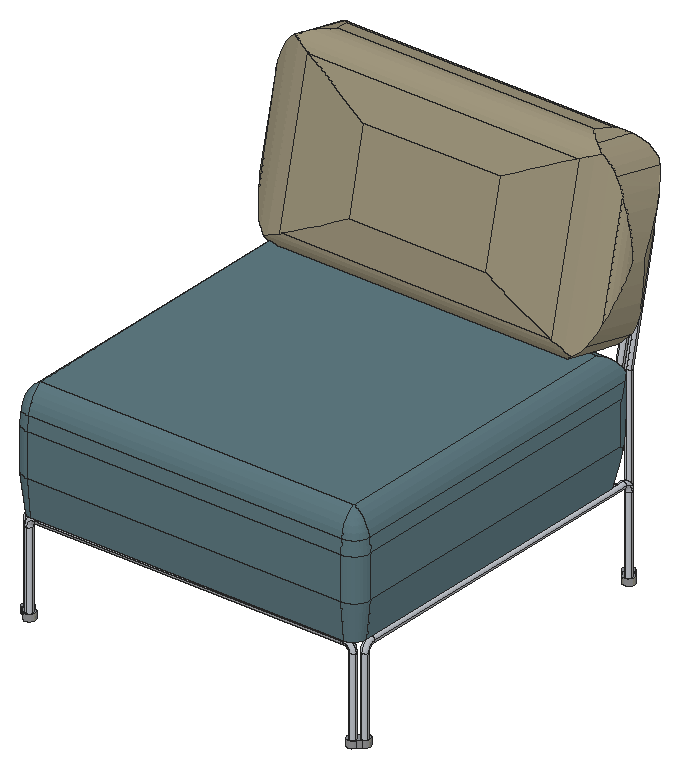
Revit family "FU_Modular_Sandler_Ari 1310", category Furniture, Revit 2020
Family settings
  OmniClass Number = 23.40.20.00
  OmniClass Title = General Furniture and Specialties
  Work Plane-Based = No
  Always vertical = Yes
  Cut with Voids When Loaded = No
  Shared = No
  Room Calculation Point = No
Parameters (values of type "Ari 1310")
  Width = 720 mm
  URL = "https://www.sandlerseating.com/product/ari-1310/"
  Seat [instance] = Fabric - Mainline Flax - Pimlico MLF34
  Model = "Ari 1310"
  Manufacturer = "Sandler"
  Height = 780 mm
  Frame [instance] = Metal - Paint -AL VR - White Aluminium
  Description = "Upholstered element without armrests in the Ari indoor modular seating range. Features an slender steel frame that forms an elegant double backrest support."
  Depth = 780 mm
  Default Elevation = 0 mm
  Back [instance] = Fabric - Mainline Flax - Kensington MLF07
Reference planes
  plane 1 "Center (Front/Back)": y = 0
  plane 2: z = 0
  plane 3 "Center (Left/Right)": x = 0
  plane 4 "Right": x = -360
  plane 5 "Left": x = 360
  plane 6 "Back": y = 390
  plane 7 "Front": y = -390
  plane 8 "Height": z = 780
  plane 9 "Seat height": z = 420
  plane 10 "Frame Right C TOP": x = -337.638
  plane 11 "Frame Front C TOP": y = -372.654
  plane 12 "Frame Left C TOP": x = 337.638
  plane 13 "Frame Back CV Right": y = 315.382
  plane 14 "Feet Right": z = 12
  plane 15 "Seat base RIGHT": z = 187.373
  plane 16 "Frame Back AC RIGHT": through (4267.2, 269.976, 182.022) normal (0, -0.9734, 0.2293)
Forms (mm)
  Sweep 1, solid, material "Metal - Paint -AL VR - White Aluminium" <- "Frame"
    path origin (0, 315.382, 0) x (0, 0, 1) y (1, 0, 0)
      loop
        line (420, -326.632) -> (12, -326.632)
    profile "Pro_Circles : 13mm" origin (-326.632, 315.382, 216) x (-1, 0, 0) y (0, 1, 0)
      loop
        arc (-6.467, 0.067) -> (-4.64, -4.545) -> (-0.067, -6.467) r 6.401
        arc (-0.067, -6.467) -> (4.593, -4.594) -> (6.467, 0.067) r 6.402
        arc (6.467, 0.067) -> (4.545, 4.64) -> (-0.067, 6.467) r 6.401
        arc (-0.067, 6.467) -> (-4.592, 4.592) -> (-6.467, 0.067) r 6.4
  Extrusion 2, void
    sketch origin (0, 0, 0) x (0, 1, 0) y (0, 0, 1)
      loop
        line (300.453, 375.373) -> (300.453, 331.447) -> (325.205, 331.447) -> (325.205, 375.373) -> (300.453, 375.373)
    from -360 to 360
  Extrusion 3, void
    sketch origin (0, 0, 0) x (0, 1, 0) y (0, 0, 1)
      loop
        line (300.453, 375.373) -> (325.205, 375.373) -> (325.205, 423.621) -> (300.453, 423.621) -> (300.453, 375.373)
    from -360 to 360
  Sweep 4, solid, material "Metal - Paint -AL VR - White Aluminium" <- "Frame"
    path origin (0, 315.382, 0) x (0, 0, 1) y (-1, 0, 0)
      loop
        line (420, -326.632) -> (12, -326.632)
    profile "Pro_Circles : 13mm" origin (326.632, 315.382, 216) x (-1, 0, 0) y (0, 1, 0)
      loop
        arc (6.467, 0.067) -> (4.592, 4.592) -> (0.067, 6.467) r 6.4
        arc (0.067, 6.467) -> (-4.545, 4.64) -> (-6.467, 0.067) r 6.401
        arc (-6.467, 0.067) -> (-4.593, -4.594) -> (0.067, -6.467) r 6.402
        arc (0.067, -6.467) -> (4.64, -4.545) -> (6.467, 0.067) r 6.401
  Sweep 5, solid, material "Metal - Paint -AL VR - White Aluminium" <- "Frame"
    path origin (337.638, 0, 0) x (0, 1, 0) y (0, 0, 1)
      loop
        line (-359.792, 12) -> (-359.792, 166.321)
        arc (-359.792, 166.321) -> (-355.252, 177.281) -> (-344.292, 181.821) r 15.5
        line (-344.292, 181.821) -> (285.964, 181.821)
        arc (285.964, 181.821) -> (296.924, 177.281) -> (301.464, 166.321) r 15.5
        line (301.464, 166.321) -> (301.464, 11.974)
    profile "Pro_Circles : 13mm" origin (337.638, -359.792, 89.16) x (0, 1, 0) y (-1, 0, 0)
      loop
        arc (-6.467, 0.067) -> (-4.64, -4.545) -> (-0.067, -6.467) r 6.401
        arc (-0.067, -6.467) -> (4.593, -4.594) -> (6.467, 0.067) r 6.402
        arc (6.467, 0.067) -> (4.545, 4.64) -> (-0.067, 6.467) r 6.401
        arc (-0.067, 6.467) -> (-4.592, 4.592) -> (-6.467, 0.067) r 6.4
  Sweep 6, solid, material "Metal - Paint -AL VR - White Aluminium" <- "Frame"
    path origin (-337.638, 0, 0) x (0, 1, 0) y (0, 0, 1)
      loop
        line (-359.792, 12) -> (-359.792, 166.321)
        arc (-359.792, 166.321) -> (-355.252, 177.281) -> (-344.292, 181.821) r 15.5
        line (-344.292, 181.821) -> (285.964, 181.821)
        arc (285.964, 181.821) -> (296.924, 177.281) -> (301.464, 166.321) r 15.5
        line (301.464, 166.321) -> (301.464, 11.974)
    profile "Pro_Circles : 13mm" origin (-337.638, -359.792, 89.16) x (0, -1, 0) y (1, 0, 0)
      loop
        arc (6.467, 0.067) -> (4.592, 4.592) -> (0.067, 6.467) r 6.4
        arc (0.067, 6.467) -> (-4.545, 4.64) -> (-6.467, 0.067) r 6.401
        arc (-6.467, 0.067) -> (-4.593, -4.594) -> (0.067, -6.467) r 6.402
        arc (0.067, -6.467) -> (4.64, -4.545) -> (6.467, 0.067) r 6.401
  Sweep 7, solid, material "Metal - Paint -AL VR - White Aluminium" <- "Frame"
    path origin (0, -372.654, 0) x (1, 0, 0) y (0, 0, 1)
      loop
        line (-323.977, 12) -> (-323.977, 166.352)
        arc (-323.977, 166.352) -> (-319.438, 177.312) -> (-308.477, 181.852) r 15.5
        line (-308.477, 181.852) -> (308.601, 181.852)
        arc (308.601, 181.852) -> (319.561, 177.312) -> (324.101, 166.352) r 15.5
        line (324.101, 166.352) -> (324.101, 12)
    profile "Pro_Circles : 13mm" origin (-323.977, -372.654, 89.176) x (-1, 0, 0) y (0, -1, 0)
      loop
        arc (-6.467, 0.067) -> (-4.64, -4.545) -> (-0.067, -6.467) r 6.401
        arc (-0.067, -6.467) -> (4.593, -4.594) -> (6.467, 0.067) r 6.402
        arc (6.467, 0.067) -> (4.545, 4.64) -> (-0.067, 6.467) r 6.401
        arc (-0.067, 6.467) -> (-4.592, 4.592) -> (-6.467, 0.067) r 6.4
  Extrusion 8, solid, material "Rubber, Black"
    sketch origin (0, 0, 0) x (1, 0, 0) y (0, 1, 0)
      loop
        arc (-327.69, -355.142) -> (-345.592, -352.286) -> (-341.649, -369.98) r 10.957
        arc (-341.649, -369.98) -> (-337.148, -372.419) -> (-334.238, -376.631) r 11
        arc (-334.238, -376.631) -> (-316.275, -380.507) -> (-319.805, -362.476) r 11
        arc (-319.805, -362.476) -> (-324.707, -359.84) -> (-327.69, -355.142) r 11
    from 0 to 12
  Extrusion 9, solid, material "Rubber, Black"
    sketch origin (0, 0, 0) x (-1, 0, 0) y (0, -1, 0)
      loop
        arc (-327.69, 355.142) -> (-324.707, 359.84) -> (-319.805, 362.476) r 11
        arc (-319.805, 362.476) -> (-316.275, 380.507) -> (-334.238, 376.631) r 11
        arc (-334.238, 376.631) -> (-337.148, 372.419) -> (-341.649, 369.98) r 11
        arc (-341.649, 369.98) -> (-345.592, 352.286) -> (-327.69, 355.142) r 10.957
    from 0 to 12
  Extrusion 10, solid, material "Rubber, Black"
    sketch origin (-35.3, -13.224, 0) x (-0.993563, 0.113279, 0) y (-0.113279, -0.993563, 0)
      loop
        arc (-324.942, -350.4) -> (-342.844, -347.544) -> (-338.901, -365.238) r 10.957
        arc (-338.901, -365.238) -> (-334.399, -367.677) -> (-331.489, -371.888) r 11
        arc (-331.489, -371.888) -> (-313.526, -375.765) -> (-317.057, -357.734) r 11
        arc (-317.057, -357.734) -> (-321.958, -355.098) -> (-324.942, -350.4) r 11
    from 0 to 12
  Extrusion 11, solid, material "Rubber, Black"
    sketch origin (35.3, -13.224, 0) x (0.993563, 0.113279, 0) y (-0.113279, 0.993563, 0)
      loop
        arc (-324.942, 350.4) -> (-321.958, 355.098) -> (-317.057, 357.734) r 11
        arc (-317.057, 357.734) -> (-313.526, 375.765) -> (-331.489, 371.888) r 11
        arc (-331.489, 371.888) -> (-334.399, 367.677) -> (-338.901, 365.238) r 11
        arc (-338.901, 365.238) -> (-342.844, 347.544) -> (-324.942, 350.4) r 10.957
    from 0 to 12
  Extrusion 12, solid, material "Fabric - Mainline Flax - Pimlico MLF34" <- "Seat"
    sketch origin (0, 0, 187.373) x (1, 0, 0) y (0, 1, 0)
      loop
        arc (-313.239, 303.733) -> (-336.927, 293.921) -> (-346.739, 270.233) r 33.5
        line (-346.739, 270.233) -> (-346.739, -356.5)
        arc (-346.739, -356.5) -> (-336.927, -380.188) -> (-313.239, -390) r 33.5
        line (-313.239, -390) -> (313.204, -390)
        arc (313.204, -390) -> (336.892, -380.188) -> (346.704, -356.5) r 33.5
        line (346.704, -356.5) -> (346.704, 270.233)
        arc (346.704, 270.233) -> (336.892, 293.921) -> (313.204, 303.733) r 33.5
        line (313.204, 303.733) -> (-313.239, 303.733)
    from 0 to 233.363
  Sweep 13, void
    path in 3D
      loop
        line (-346.739, 384.262, 420.736) -> (-346.739, -356.5, 420.736)
        arc (-346.739, -356.5, 420.736) -> (-336.927, -380.188, 420.736) -> (-313.239, -390, 420.736) r 33.5
        line (-313.239, -390, 420.736) -> (313.204, -390, 420.736)
        arc (313.204, -390, 420.736) -> (336.892, -380.188, 420.736) -> (346.704, -356.5, 420.736) r 33.5
        line (346.704, -356.5, 420.736) -> (346.704, 384.262, 420.736)
    profile origin (-346.739, 13.881, 420.736) x (1, 0, 0) y (0, 0, 1)
      loop
        arc (2.304, -47.996) -> (11.675, -20.578) -> (32.073, 0) r 64.696
        line (32.073, 0) -> (32.073, 22.414) -> (-19.598, 22.414) -> (-19.598, -262.705) -> (14.317, -262.705)
        arc (14.317, -262.705) -> (-0.262, -155.83) -> (2.304, -47.996) r 677.536
  Sweep 14, solid, material "Metal - Paint -AL VR - White Aluminium" <- "Frame"
    path origin (0, 215.155, -50.686) x (0, -0.2293, -0.973356) y (1, 0, 0)
      loop
        line (-405.383, -326.634) -> (-665.383, -326.634)
        arc (-665.383, -326.634) -> (-676.343, -322.094) -> (-680.883, -311.134) r 15.5
        line (-680.883, -311.134) -> (-680.883, 311.134)
        arc (-680.883, 311.134) -> (-676.343, 322.094) -> (-665.383, 326.634) r 15.5
        line (-665.383, 326.634) -> (-405.383, 326.634)
    profile "Pro_Circles : 13mm" origin (-326.634, 337.919, 470.433) x (-1, 0, 0) y (0, -0.973356, 0.2293)
      loop
        arc (-6.467, 0.067) -> (-4.64, -4.545) -> (-0.067, -6.467) r 6.401
        arc (-0.067, -6.467) -> (4.593, -4.594) -> (6.467, 0.067) r 6.402
        arc (6.467, 0.067) -> (4.545, 4.64) -> (-0.067, 6.467) r 6.401
        arc (-0.067, 6.467) -> (-4.592, 4.592) -> (-6.467, 0.067) r 6.4
  Sweep 15, solid, material "Metal - Paint -AL VR - White Aluminium" <- "Frame"
    path origin (0, 215.155, -50.686) x (0, -0.2293, -0.973356) y (1, 0, 0)
      loop
        line (-238.925, -337.572) -> (-238.925, 337.572)
    profile "Pro_Circles : 13mm" origin (0, 269.941, 181.874) x (0, 0.2293, 0.973356) y (0, -0.973356, 0.2293)
      loop
        arc (-6.467, 0.067) -> (-4.64, -4.545) -> (-0.067, -6.467) r 6.401
        arc (-0.067, -6.467) -> (4.593, -4.594) -> (6.467, 0.067) r 6.402
        arc (6.467, 0.067) -> (4.545, 4.64) -> (-0.067, 6.467) r 6.401
        arc (-0.067, 6.467) -> (-4.592, 4.592) -> (-6.467, 0.067) r 6.4
  Sweep 16, solid, material "Metal - Paint -AL VR - White Aluminium" <- "Frame"
    path origin (0, 215.155, -50.686) x (0, -0.2293, -0.973356) y (1, 0, 0)
      loop
        line (-238.859, 308.199) -> (-545.701, 308.199)
        arc (-545.701, 308.199) -> (-556.662, 303.659) -> (-561.201, 292.699) r 15.5
        line (-561.201, 292.699) -> (-561.201, -292.699)
        arc (-561.201, -292.699) -> (-556.662, -303.659) -> (-545.701, -308.199) r 15.5
        line (-545.701, -308.199) -> (-238.859, -308.199)
    profile "Pro_Circles : 13mm" origin (-308.199, 305.105, 331.142) x (1, 0, 0) y (0, -0.973356, 0.2293)
      loop
        arc (-6.467, 0.067) -> (-4.64, -4.545) -> (-0.067, -6.467) r 6.401
        arc (-0.067, -6.467) -> (4.593, -4.594) -> (6.467, 0.067) r 6.402
        arc (6.467, 0.067) -> (4.545, 4.64) -> (-0.067, 6.467) r 6.401
        arc (-0.067, 6.467) -> (-4.592, 4.592) -> (-6.467, 0.067) r 6.4
  Extrusion 17, void
    sketch origin (0, 11.535, 0.066) x (0, 1, 0) y (0, 0, 1)
      loop
        arc (279.345, 364.934) -> (266.59, 262.706) -> (239.146, 163.408) r 708.516
        line (239.146, 163.408) -> (325.45, 163.408) -> (325.45, 441.519) -> (222.591, 441.519) -> (222.591, 423.086)
        arc (222.591, 423.086) -> (263.219, 405.967) -> (279.345, 364.934) r 56.771
    from -360 to 360
Cuts and joins
  Extrusion 3 cuts Sweep 1
  Extrusion 3 cuts Sweep 4
  Sweep 13, Extrusion 17 cuts Extrusion 12
  Extrusion 2 cuts Sweep 14
Lines and regions (mm)
  sketch lines
    curve 1: line (-346.739, 384.262, 420.736) -> (-346.739, -356.5, 420.736)
    curve 2: arc (-313.239, -390, 420.736) -> (-336.927, -380.188, 420.736) -> (-346.739, -356.5, 420.736) r 33.5
    curve 3: line (-313.239, -390, 420.736) -> (313.204, -390, 420.736)
    curve 4: arc (346.704, -356.5, 420.736) -> (336.892, -380.188, 420.736) -> (313.204, -390, 420.736) r 33.5
    curve 5: line (346.704, -356.5, 420.736) -> (346.704, 384.262, 420.736)
  reference lines
    curve 6: line (0, 369.538, 604.651) -> (0, 373.026, 619.46)
    curve 7: line (0, 268.215, 174.547) -> (0, 271.667, 189.201)
    curve 8: line (0, 342.113, 488.238) -> (0, 345.564, 502.888)
    curve 9: line (-314.999, 325.979, 419.749) -> (-301.4, 325.979, 419.749)
    curve 10: line (314.999, 325.979, 419.749) -> (301.4, 325.979, 419.749)
Dimensions and locks
  equal spacing: plane 4 "Right", plane 3 "Center (Left/Right)", plane 5 "Left"
  "Width": plane 4 "Right" to plane 5 "Left"
  equal spacing: plane 6 "Back", plane 1 "Center (Front/Back)", plane 7 "Front"
  "Depth": plane 6 "Back" to plane 7 "Front"
  "Height": plane 8 "Height" to level
  plane 9 "Seat height" to level = 420 mm
  aligned and locked: level to plane 2
Automatic sketch dimensions
  Sweep 1 sketch curve to plane 14 "Feet Right" = 0 mm
  Sweep 1 sketch curve to plane 9 "Seat height" = 0 mm
  plane 10 "Frame Right C TOP" to Sweep 1 sketch curve = 11.006 mm
  Extrusion 2 sketch curve to plane 13 "Frame Back CV Right" = 14.929 mm
  plane 13 "Frame Back CV Right" to Extrusion 2 sketch curve = 9.823 mm
  Extrusion 2 sketch curve to plane 9 "Seat height" = 88.553 mm
  Extrusion 2 sketch curve to Extrusion 2 sketch curve = 43.926 mm
  plane 9 "Seat height" to Extrusion 3 sketch curve = 3.621 mm
  Extrusion 3 sketch curve to plane 13 "Frame Back CV Right" = 14.929 mm
  plane 13 "Frame Back CV Right" to Extrusion 3 sketch curve = 9.823 mm
  Extrusion 3 sketch curve to plane 9 "Seat height" = 44.627 mm
  Sweep 4 sketch curve to plane 14 "Feet Right" = 0 mm
  Sweep 4 sketch curve to plane 9 "Seat height" = 0 mm
  Sweep 4 sketch curve to plane 12 "Frame Left C TOP" = 11.006 mm
  Sweep 5 sketch curve to plane 14 "Feet Right" = 0 mm
  plane 11 "Frame Front C TOP" to Sweep 5 sketch curve = 12.862 mm
  Sweep 5 sketch curve to Sweep 5 sketch curve = 15.5 mm
  plane 13 "Frame Back CV Right" to Sweep 5 sketch curve = 29.418 mm
  plane 13 "Frame Back CV Right" to Sweep 5 sketch curve = 13.918 mm
  Sweep 5 sketch curve to plane 14 "Feet Right" = 154.321 mm
  plane 14 "Feet Right" to Sweep 5 sketch curve = 0.026 mm
  Sweep 6 sketch curve to plane 14 "Feet Right" = 0 mm
  Sweep 6 sketch curve to plane 11 "Frame Front C TOP" = 12.862 mm
  Sweep 6 sketch curve to Sweep 6 sketch curve = 15.5 mm
  Sweep 6 sketch curve to plane 13 "Frame Back CV Right" = 29.418 mm
  Sweep 6 sketch curve to plane 13 "Frame Back CV Right" = 13.918 mm
  plane 14 "Feet Right" to Sweep 6 sketch curve = 154.321 mm
  Sweep 6 sketch curve to plane 14 "Feet Right" = 0.026 mm
  Sweep 7 sketch curve to plane 14 "Feet Right" = 0 mm  (x2)
  plane 10 "Frame Right C TOP" to Sweep 7 sketch curve = 13.661 mm
  Sweep 7 sketch curve to Sweep 7 sketch curve = 15.5 mm
  plane 12 "Frame Left C TOP" to Sweep 7 sketch curve = 29.038 mm
  plane 12 "Frame Left C TOP" to Sweep 7 sketch curve = 13.538 mm
  Sweep 7 sketch curve to Sweep 7 sketch curve = 154.352 mm
  plane 11 "Frame Front C TOP" to Extrusion 8 sketch curve = 0 mm
  Extrusion 8 sketch curve to plane 10 "Frame Right C TOP" = 6.856 mm
  plane 10 "Frame Right C TOP" to Extrusion 8 sketch curve = 0.027 mm
  plane 10 "Frame Right C TOP" to Extrusion 8 sketch curve = 13.661 mm
  plane 10 "Frame Right C TOP" to Extrusion 8 sketch curve = 20.423 mm
  plane 11 "Frame Front C TOP" to Extrusion 8 sketch curve = 7.952 mm
  Extrusion 8 sketch curve to plane 11 "Frame Front C TOP" = 12.86 mm
  Extrusion 8 sketch curve to plane 11 "Frame Front C TOP" = 20.869 mm
  Extrusion 8 sketch curve to plane 10 "Frame Right C TOP" = 4.011 mm
  plane 10 "Frame Right C TOP" to Extrusion 8 sketch curve = 3.401 mm
  Extrusion 8 sketch curve to Extrusion 8 sketch curve = 0.004 mm
  plane 10 "Frame Right C TOP" to Extrusion 8 sketch curve = 9.948 mm
  Extrusion 8 sketch curve to Extrusion 8 sketch curve = 7.885 mm
  plane 11 "Frame Front C TOP" to Extrusion 8 sketch curve = 3.975 mm
  plane 11 "Frame Front C TOP" to Extrusion 9 sketch curve = 0 mm
  plane 12 "Frame Left C TOP" to Extrusion 9 sketch curve = 6.856 mm
  Extrusion 9 sketch curve to plane 12 "Frame Left C TOP" = 0.027 mm
  Extrusion 9 sketch curve to plane 12 "Frame Left C TOP" = 13.661 mm
  Extrusion 9 sketch curve to plane 12 "Frame Left C TOP" = 20.423 mm
  Extrusion 9 sketch curve to plane 11 "Frame Front C TOP" = 7.952 mm
  plane 11 "Frame Front C TOP" to Extrusion 9 sketch curve = 12.86 mm
  plane 11 "Frame Front C TOP" to Extrusion 9 sketch curve = 20.869 mm
  plane 12 "Frame Left C TOP" to Extrusion 9 sketch curve = 4.011 mm
  Extrusion 9 sketch curve to plane 12 "Frame Left C TOP" = 3.401 mm
  Extrusion 9 sketch curve to Extrusion 9 sketch curve = 0.004 mm
  Extrusion 9 sketch curve to plane 12 "Frame Left C TOP" = 9.948 mm
  Extrusion 9 sketch curve to Extrusion 9 sketch curve = 7.885 mm
  Extrusion 9 sketch curve to plane 11 "Frame Front C TOP" = 3.975 mm
  plane 13 "Frame Back CV Right" to Extrusion 10 sketch curve = 6.126 mm
  Extrusion 10 sketch curve to plane 12 "Frame Left C TOP" = 9.186 mm
  Extrusion 10 sketch curve to Extrusion 10 sketch curve = 6.883 mm
  Extrusion 10 sketch curve to Extrusion 10 sketch curve = 13.634 mm
  Extrusion 10 sketch curve to Extrusion 10 sketch curve = 20.396 mm
  Extrusion 10 sketch curve to Extrusion 10 sketch curve = 7.952 mm
  Extrusion 10 sketch curve to Extrusion 10 sketch curve = 12.86 mm
  Extrusion 10 sketch curve to Extrusion 10 sketch curve = 8.009 mm
  Extrusion 10 sketch curve to Extrusion 10 sketch curve = 4.038 mm
  Extrusion 10 sketch curve to Extrusion 10 sketch curve = 7.411 mm
  Extrusion 10 sketch curve to Extrusion 10 sketch curve = 0.004 mm
  Extrusion 10 sketch curve to Extrusion 10 sketch curve = 9.921 mm
  Extrusion 10 sketch curve to Extrusion 10 sketch curve = 7.885 mm
  Extrusion 10 sketch curve to Extrusion 10 sketch curve = 3.975 mm
  Extrusion 11 sketch curve to plane 13 "Frame Back CV Right" = 6.126 mm
  plane 10 "Frame Right C TOP" to Extrusion 11 sketch curve = 9.186 mm
  Extrusion 11 sketch curve to Extrusion 11 sketch curve = 6.883 mm
  Extrusion 11 sketch curve to Extrusion 11 sketch curve = 13.634 mm
  Extrusion 11 sketch curve to Extrusion 11 sketch curve = 20.396 mm
  Extrusion 11 sketch curve to Extrusion 11 sketch curve = 7.952 mm
  Extrusion 11 sketch curve to Extrusion 11 sketch curve = 12.86 mm
  Extrusion 11 sketch curve to Extrusion 11 sketch curve = 8.009 mm
  Extrusion 11 sketch curve to Extrusion 11 sketch curve = 4.038 mm
  Extrusion 11 sketch curve to Extrusion 11 sketch curve = 7.411 mm
  Extrusion 11 sketch curve to Extrusion 11 sketch curve = 0.004 mm
  Extrusion 11 sketch curve to Extrusion 11 sketch curve = 9.921 mm
  Extrusion 11 sketch curve to Extrusion 11 sketch curve = 7.885 mm
  Extrusion 11 sketch curve to Extrusion 11 sketch curve = 3.975 mm
  Extrusion 12 sketch curve to plane 7 "Front" = 0 mm
  Extrusion 12 sketch curve to plane 10 "Frame Right C TOP" = 9.101 mm
  plane 10 "Frame Right C TOP" to Extrusion 12 sketch curve = 24.399 mm  (x2)
  Extrusion 12 sketch curve to plane 13 "Frame Back CV Right" = 11.649 mm
  plane 12 "Frame Left C TOP" to Extrusion 12 sketch curve = 24.434 mm  (x2)
  Extrusion 12 sketch curve to plane 12 "Frame Left C TOP" = 9.066 mm
  Sweep 13 sketch curve to profile plane = 0 mm
  profile plane to Sweep 13 sketch curve = 19.598 mm
  Sweep 13 sketch curve to profile plane = 14.317 mm
  Sweep 13 sketch curve to profile plane = 32.073 mm
  Sweep 13 sketch curve to Sweep 13 sketch curve = 34.581 mm
  Sweep 13 sketch curve to profile plane = 117.981 mm
  Sweep 13 sketch curve to profile plane = 54.679 mm
  profile plane to Sweep 13 sketch curve = 22.414 mm
  Sweep 13 sketch curve to profile plane = 2.304 mm
  Sweep 13 sketch curve to Sweep 13 sketch curve = 0 mm
  plane 10 "Frame Right C TOP" to Sweep 14 sketch curve = 26.505 mm
  plane 10 "Frame Right C TOP" to Sweep 14 sketch curve = 11.005 mm
  plane 12 "Frame Left C TOP" to Sweep 14 sketch curve = 11.005 mm
  Sweep 14 sketch curve to Sweep 14 sketch curve = 15.5 mm
  Sweep 14 sketch curve to Sweep 14 sketch curve = 260 mm  (x2)
  curve 6 to plane 3 "Center (Left/Right)" = 0 mm
  curve 8 to plane 3 "Center (Left/Right)" = 0 mm
  curve 7 to plane 3 "Center (Left/Right)" = 0 mm
  curve 6 to curve 6 = 15.214 mm
  curve 6 to curve 8 = 104.549 mm
  curve 8 to curve 8 = 15.05 mm
  plane 12 "Frame Left C TOP" to curve 10 = 36.239 mm
  curve 8 to curve 10 = 70.364 mm
  plane 10 "Frame Right C TOP" to curve 9 = 22.64 mm
  curve 8 to curve 9 = 70.364 mm
  curve 8 to curve 7 = 307.223 mm
  curve 7 to curve 7 = 15.055 mm
  curve 9 to curve 9 = 13.599 mm
  curve 10 to curve 10 = 13.599 mm
  plane 12 "Frame Left C TOP" to Sweep 15 sketch curve = 0.067 mm
  plane 10 "Frame Right C TOP" to Sweep 15 sketch curve = 0.067 mm
  plane 12 "Frame Left C TOP" to Sweep 16 sketch curve = 44.939 mm
  Sweep 16 sketch curve to Sweep 16 sketch curve = 15.5 mm  (x2)
  plane 10 "Frame Right C TOP" to Sweep 16 sketch curve = 44.939 mm
  Sweep 16 sketch curve to Sweep 16 sketch curve = 306.843 mm  (x2)
  Extrusion 17 sketch curve to plane 9 "Seat height" = 18.629 mm
  Extrusion 17 sketch curve to plane 7 "Front" = 26.703 mm
  plane 9 "Seat height" to Extrusion 17 sketch curve = 21.585 mm
  Extrusion 17 sketch curve to plane 13 "Frame Back CV Right" = 81.257 mm
  plane 15 "Seat base RIGHT" to Extrusion 17 sketch curve = 23.899 mm
  Extrusion 17 sketch curve to plane 13 "Frame Back CV Right" = 64.701 mm
  plane 13 "Frame Back CV Right" to Extrusion 17 sketch curve = 21.603 mm
  Extrusion 17 sketch curve to plane 9 "Seat height" = 53.619 mm
  Extrusion 17 sketch curve to Extrusion 17 sketch curve = 18.433 mm
Nested families
  nested 1: "Ari Back" at (0, 283.436, 15.923), Back <- "Back", type "Ari Back"
    with Back Fabric - Mainline Flax - Kensington MLF07
Definition of nested family "Ari Back"
  Parameters (values of type "Ari Back")
    Width = 720 mm
    Height = 895 mm
    Depth = 503 mm
    Default Elevation = 0 mm
    Back [instance] = none
  Reference planes
    plane 1 "Center (Front/Back)": y = 0
    plane 2: z = 0
    plane 3 "Center (Left/Right)": x = 0
    plane 4 "Right": x = -360
    plane 5 "Left": x = 360
    plane 6 "Back": y = 251.5
    plane 7 "Front": y = -251.5
    plane 8 "Height": z = 895
    plane 9 "Seat height": z = 610
  Forms (mm)
    Extrusion 1, solid, material <- "Back"
      sketch origin (0, -132.764, 15.297) x (1, 0, 0) y (0, 0.973179, -0.23005)
        loop
          line (-362.5, 74.701) -> (-362.5, -74.06) -> (362.5, -74.06) -> (362.5, 74.701) -> (-362.5, 74.701)
      from 389.924 to 767.563
    Extrusion 2, void
      sketch origin (0, -132.764, 15.297) x (1, 0, 0) y (0, 0.973179, -0.23005)
        loop
          line (-310.203, 75.143) -> (-310.203, 79.868) -> (-364.948, 79.868) -> (-364.948, -91.02) -> (-99.416, -91.02) -> (-99.416, -75.542)
          arc (-99.416, -75.542) -> (-185.72, -70.794) -> (-271.607, -61.085) r 1500.401
          arc (-271.607, -61.085) -> (-310.035, -51.019) -> (-345.163, -32.471) r 173.385
          arc (-345.163, -32.471) -> (-355.968, -17.765) -> (-360.14, 0) r 45.595
          line (-360.14, 0) -> (-360.596, 24.202)
          arc (-360.596, 24.202) -> (-346.151, 60.308) -> (-310.203, 75.143) r 50
        loop
          arc (310.203, 75.143) -> (346.151, 60.308) -> (360.596, 24.202) r 50
          line (360.596, 24.202) -> (360.14, 0)
          arc (360.14, 0) -> (355.968, -17.765) -> (345.163, -32.471) r 45.595
          arc (345.163, -32.471) -> (310.035, -51.019) -> (271.607, -61.085) r 173.385
          arc (271.607, -61.085) -> (185.72, -70.794) -> (99.416, -75.542) r 1500.401
          line (99.416, -75.542) -> (99.416, -91.02) -> (364.948, -91.02) -> (364.948, 79.868) -> (310.203, 79.868) -> (310.203, 75.143)
      from 376.711 to 778.071
    Extrusion 3, void
      sketch origin (0, -132.764, 15.297) x (1, 0, 0) y (0, 0.23005, 0.973179)
        loop
          arc (-333.96, 716.373) -> (-314.814, 741.929) -> (-287.697, 758.789) r 86.435
          arc (-287.697, 758.789) -> (-252.656, 768.112) -> (-216.501, 770.87) r 197.455
          line (-216.501, 770.87) -> (-216.501, 777.709) -> (-370.298, 777.709) -> (-370.298, 376.009) -> (-216.501, 376.009) -> (-216.501, 385.996)
          arc (-216.501, 385.996) -> (-242.472, 387.863) -> (-268.162, 392.109) r 283.002
          arc (-268.162, 392.109) -> (-302.445, 405.044) -> (-328.289, 431.019) r 86.435
          spline (-328.289, 431.019) -> (-337.16, 449.647) -> (-344.765, 470.723) -> (-350.96, 493.848) -> (-355.627, 518.588) -> (-358.679, 544.474) -> (-360.057, 571.019) -> (-359.737, 597.721) -> (-357.724, 624.076) -> (-354.055, 649.587) -> (-348.801, 673.772) -> (-342.06, 696.175) -> (-333.96, 716.373)
        loop
          spline (333.96, 716.373) -> (342.06, 696.175) -> (348.801, 673.772) -> (354.055, 649.587) -> (357.724, 624.076) -> (359.737, 597.721) -> (360.057, 571.019) -> (358.679, 544.474) -> (355.627, 518.588) -> (350.96, 493.848) -> (344.765, 470.723) -> (337.16, 449.647) -> (328.289, 431.019)
          arc (328.289, 431.019) -> (302.445, 405.044) -> (268.162, 392.109) r 86.435
          arc (268.162, 392.109) -> (242.472, 387.863) -> (216.501, 385.996) r 283.002
          line (216.501, 385.996) -> (216.501, 376.009) -> (370.298, 376.009) -> (370.298, 777.709) -> (216.501, 777.709) -> (216.501, 770.87)
          arc (216.501, 770.87) -> (252.656, 768.112) -> (287.697, 758.789) r 197.455
          arc (287.697, 758.789) -> (314.814, 741.929) -> (333.96, 716.373) r 86.435
      from -88.411 to 87.877
    Extrusion 4, void
      sketch origin (0, -132.764, 15.297) x (0, 0.973179, -0.23005) y (0, 0.23005, 0.973179)
        loop
          arc (-61.397, 729.537) -> (-71.742, 680.053) -> (-75.437, 629.634) r 380.549
          line (-75.437, 629.634) -> (-88.369, 629.634) -> (-88.369, 778.183) -> (89.567, 778.183) -> (89.567, 676.12) -> (79.458, 676.12)
          arc (79.458, 676.12) -> (76.502, 705.709) -> (68.783, 734.428) r 182.681
          arc (68.783, 734.428) -> (50.774, 756.428) -> (23.805, 765.426) r 51.189
          line (23.805, 765.426) -> (-12.114, 766.886)
          arc (-12.114, 766.886) -> (-43.061, 756.472) -> (-61.416, 729.468) r 51.189
        loop
          arc (68.783, 424.075) -> (50.774, 402.074) -> (23.805, 393.076) r 51.189
          line (23.805, 393.076) -> (-12.114, 391.617)
          arc (-12.114, 391.617) -> (-43.09, 402.052) -> (-61.435, 429.104) r 51.189
          arc (-61.435, 429.104) -> (-71.752, 478.521) -> (-75.437, 528.868) r 380.549
          line (-75.437, 528.868) -> (-88.369, 528.868) -> (-88.369, 380.319) -> (89.567, 380.319) -> (89.567, 482.383) -> (79.458, 482.383)
          arc (79.458, 482.383) -> (76.502, 452.793) -> (68.783, 424.075) r 182.681
      from -402.712 to 386.758
  Cuts and joins
    Extrusion 2, Extrusion 3, Extrusion 4 cuts Extrusion 1
  Dimensions and locks
    equal spacing: plane 4 "Right", plane 3 "Center (Left/Right)", plane 5 "Left"
    "Width": plane 4 "Right" to plane 5 "Left"
    equal spacing: plane 6 "Back", plane 1 "Center (Front/Back)", plane 7 "Front"
    "Depth": plane 6 "Back" to plane 7 "Front"
    "Height": plane 8 "Height" to level
    plane 9 "Seat height" to level = 610 mm
    aligned and locked: level to plane 2
  Automatic sketch dimensions
    plane 4 "Right" to Extrusion 1 sketch curve = 2.5 mm
    Extrusion 1 sketch curve to plane 5 "Left" = 2.5 mm
    Extrusion 1 sketch curve to Extrusion 1 sketch curve = 148.761 mm
    plane 4 "Right" to Extrusion 2 sketch curve = 4.948 mm
    plane 4 "Right" to Extrusion 2 sketch curve = 0.14 mm
    Extrusion 2 sketch curve to plane 4 "Right" = 45.435 mm
    Extrusion 2 sketch curve to Extrusion 2 sketch curve = 3.96 mm  (x2)
    Extrusion 2 sketch curve to plane 4 "Right" = 49.797 mm
    Extrusion 2 sketch curve to Extrusion 2 sketch curve = 63.027 mm
    Extrusion 2 sketch curve to plane 3 "Center (Left/Right)" = 99.416 mm
    Extrusion 2 sketch curve to plane 3 "Center (Left/Right)" = 60.187 mm
    plane 3 "Center (Left/Right)" to Extrusion 2 sketch curve = 60.187 mm
    plane 3 "Center (Left/Right)" to Extrusion 2 sketch curve = 99.416 mm
    plane 5 "Left" to Extrusion 2 sketch curve = 112.825 mm
    plane 5 "Left" to Extrusion 2 sketch curve = 49.797 mm
    plane 5 "Left" to Extrusion 2 sketch curve = 49.395 mm
    Extrusion 2 sketch curve to plane 5 "Left" = 0.14 mm
    Extrusion 2 sketch curve to plane 5 "Left" = 0.596 mm
    Extrusion 2 sketch curve to plane 5 "Left" = 4.948 mm
    Extrusion 2 sketch curve to Extrusion 2 sketch curve = 0 mm  (x4)
    Extrusion 2 sketch curve to Extrusion 2 sketch curve = 15.478 mm  (x2)
    Extrusion 2 sketch curve to Extrusion 2 sketch curve = 91.02 mm  (x2)
    Extrusion 2 sketch curve to Extrusion 2 sketch curve = 1.332 mm  (x2)
    Extrusion 2 sketch curve to Extrusion 2 sketch curve = 24.202 mm
    Extrusion 2 sketch curve to Extrusion 2 sketch curve = 23.812 mm  (x2)
    Extrusion 2 sketch curve to Extrusion 2 sketch curve = 49.998 mm
    Extrusion 2 sketch curve to Extrusion 2 sketch curve = 4.725 mm  (x2)
    Extrusion 2 sketch curve to Extrusion 2 sketch curve = 30.702 mm  (x2)
    Extrusion 2 sketch curve to Extrusion 2 sketch curve = 1313.776 mm
    plane 4 "Right" to Extrusion 2 sketch curve = 0.596 mm
    Extrusion 2 sketch curve to plane 4 "Right" = 14.837 mm
    plane 4 "Right" to Extrusion 3 sketch curve = 10.298 mm
    Extrusion 3 sketch curve to plane 4 "Right" = 103.598 mm
    Extrusion 3 sketch curve to plane 4 "Right" = 104.515 mm
    Extrusion 3 sketch curve to Extrusion 3 sketch curve = 35.862 mm
    Extrusion 3 sketch curve to Extrusion 3 sketch curve = 38.984 mm  (x2)
    Extrusion 3 sketch curve to Extrusion 3 sketch curve = 39.901 mm
    Extrusion 3 sketch curve to Extrusion 3 sketch curve = 47.188 mm  (x2)
    plane 5 "Left" to Extrusion 3 sketch curve = 150.786 mm
    Extrusion 3 sketch curve to Extrusion 3 sketch curve = 7.287 mm
    plane 5 "Left" to Extrusion 3 sketch curve = 143.499 mm
    Extrusion 3 sketch curve to Extrusion 3 sketch curve = 10.409 mm
    Extrusion 3 sketch curve to plane 5 "Left" = 10.298 mm
    Extrusion 3 sketch curve to Extrusion 3 sketch curve = 0 mm  (x2)
    Extrusion 3 sketch curve to Extrusion 3 sketch curve = 9.986 mm  (x2)
    Extrusion 3 sketch curve to Extrusion 3 sketch curve = 91.613 mm  (x2)
    Extrusion 3 sketch curve to Extrusion 3 sketch curve = 95.831 mm  (x2)
    Extrusion 3 sketch curve to Extrusion 3 sketch curve = 95.464 mm  (x2)
    Extrusion 3 sketch curve to Extrusion 3 sketch curve = 9.315 mm  (x2)
    Extrusion 3 sketch curve to Extrusion 3 sketch curve = 92.651 mm  (x2)
    Extrusion 3 sketch curve to Extrusion 3 sketch curve = 99.491 mm
    Extrusion 3 sketch curve to Extrusion 3 sketch curve = 6.84 mm
    Extrusion 3 sketch curve to plane 4 "Right" = 26.04 mm
    Extrusion 3 sketch curve to plane 4 "Right" = 31.711 mm
    Extrusion 3 sketch curve to Extrusion 3 sketch curve = 46.263 mm
    Extrusion 3 sketch curve to Extrusion 3 sketch curve = 17.66 mm  (x2)
    Extrusion 3 sketch curve to Extrusion 3 sketch curve = 51.661 mm  (x2)
    Extrusion 3 sketch curve to Extrusion 3 sketch curve = 53.536 mm
    plane 5 "Left" to Extrusion 3 sketch curve = 31.711 mm
    plane 5 "Left" to Extrusion 3 sketch curve = 26.04 mm
    Extrusion 3 sketch curve to Extrusion 3 sketch curve = 5.91 mm  (x2)
    Extrusion 4 sketch curve to plane 9 "Seat height" = 98.299 mm
    plane 1 "Center (Front/Back)" to Extrusion 4 sketch curve = 121.456 mm
    Extrusion 4 sketch curve to Extrusion 4 sketch curve = 0 mm  (x3)
    Extrusion 4 sketch curve to Extrusion 4 sketch curve = 14.824 mm  (x2)
    Extrusion 4 sketch curve to Extrusion 4 sketch curve = 12.932 mm  (x2)
    Extrusion 4 sketch curve to Extrusion 4 sketch curve = 76.255 mm  (x2)
    Extrusion 4 sketch curve to Extrusion 4 sketch curve = 33.84 mm  (x2)
    Extrusion 4 sketch curve to Extrusion 4 sketch curve = 35.919 mm  (x2)
    Extrusion 4 sketch curve to Extrusion 4 sketch curve = 57.732 mm  (x2)
    Extrusion 4 sketch curve to Extrusion 4 sketch curve = 65.762 mm
    Extrusion 4 sketch curve to Extrusion 4 sketch curve = 10.108 mm
    Extrusion 4 sketch curve to Extrusion 4 sketch curve = 215.537 mm
    Extrusion 4 sketch curve to Extrusion 4 sketch curve = 3.309 mm
    Extrusion 4 sketch curve to Extrusion 4 sketch curve = 38.16 mm  (x2)
    Extrusion 4 sketch curve to Extrusion 4 sketch curve = 1.417 mm  (x2)
    Extrusion 4 sketch curve to Extrusion 4 sketch curve = 51.147 mm  (x2)
    Extrusion 4 sketch curve to Extrusion 4 sketch curve = 1.46 mm  (x2)
    Extrusion 4 sketch curve to Extrusion 4 sketch curve = 43.756 mm  (x2)
    Extrusion 4 sketch curve to Extrusion 4 sketch curve = 43.177 mm  (x2)
    Extrusion 4 sketch curve to Extrusion 4 sketch curve = 49.029 mm
    Extrusion 4 sketch curve to Extrusion 4 sketch curve = 95.679 mm
    Extrusion 4 sketch curve to Extrusion 4 sketch curve = 100.766 mm
    Extrusion 4 sketch curve to Extrusion 4 sketch curve = 46.485 mm
    Extrusion 4 sketch curve to Extrusion 4 sketch curve = 0.019 mm
